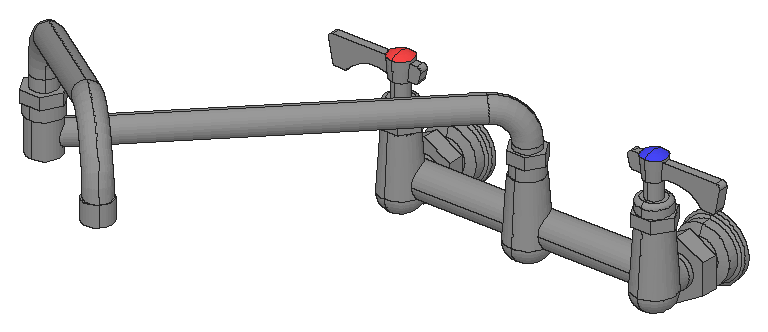
Revit family "Krowne_14-824L_WallMount_Faucet", category Plumbing Fixtures, Revit 2018
Family settings
  Round Connector Dimension = Use Diameter
  Part Type = Normal
  OmniClass Number = 23.40.40.00
  OmniClass Title = Food Service Equipment and Furnishings
  Work Plane-Based = No
  Always vertical = Yes
  Cut with Voids When Loaded = No
  Shared = No
  Room Calculation Point = No
Parameters (values of type "14-824L")
  Width = 12 3/8"
  Weight in Pounds = 6
  Watermarked By = ""
  URL Cutsheet = ""
  URL = "https://krowne.com/"
  Status [instance] = ""
  Specification by User [instance] = ""
  Specification by Manufacturer [instance] = ""
  Serial Number [instance] = ""
  Revision Code [instance] = ""
  Plumbing Remarks [instance] = ""
  Plumbing Connection Type = ""
  NAFEM Spec ID Number [instance] = ""
  Model = "14-824L"
  Masterspec [instance] = ""
  Manufacturer = "Krowne Metal"
  Item Number [instance] = "-"
  Installed By [instance] = ""
  Hot Water Temperature = 100 °F
  Hot Water Size = 1/2"
  Hot Water RI Height [instance] = 0"
  Hot Water Flow = 1.8 GPM
  Hot Water Connection Height = 0"
  Height = 3 5/8"
  Furnished By [instance] = ""
  Foodservice Equipment Identifier = yes
  Description = "8” Center Wall Mount Faucet with 24” Jointed Spout"
  Depth = 12" + 12" + 2 1/2"  # 26 1/2"
  Cold Water Size = 1/2"
  Cold Water RI Height [instance] = 0"
  Cold Water Flow = 1.8 GPM
  Cold Water Connection Height = 0"
  CSI MasterFormat = ""
  Assembly Code = "E1090300"
Reference planes
  plane 1 "BACK": y = 0
  plane 2: z = 0
  plane 3 "LEFT": x = -476.332
  plane 4 "RIGHT": x = -162.007
  plane 5 "CENTER L/R": x = -319.169
  plane 6: y = -50.8
  plane 7: z = 225.425
  plane 8: y = -635
  plane 9: y = -25.4
  plane 10: y = -330.2
  plane 11: z = 92.075
Forms (mm)
  Extrusion 1, solid, material "QF_Steel-Chrome-Polished"
    sketch origin (-319.169, -456.452, 200.025) x (0.707107, -0.707107, 0) y (-0.707107, -0.707107, 0)
      loop
        circle (0, 0) r 11.113
    from 0 to -15.875
  Sweep 2, solid, material "QF_Steel-Chrome-Polished"
    path origin (-768.182, -7.439, -25.4) x (-0.707107, 0.707107, 0) y (0, 0, 1)
      loop
        line (-330.2, 117.475) -> (-330.2, 160.963)
        arc (-330.2, 160.963) -> (-338.239, 186.459) -> (-359.447, 202.733) r 44.45
        line (-359.447, 202.733) -> (-575.347, 281.314)
        arc (-575.347, 281.314) -> (-616.045, 275.956) -> (-635, 239.544) r 44.45
        line (-635, 239.544) -> (-635, 225.425)
    profile origin (-534.696, -240.926, 113.819) x (0.707107, -0.707107, 0) y (0.707107, 0.707107, 0)
      loop
        circle (0, 0) r 9.852
  Extrusion 3, solid, material "QF_Steel-Chrome-Polished"
    sketch origin (-215.526, -38.987, 38.1) x (0, 1, 0) y (-1, 0, 0)
      loop
        circle (-201.939, 319.169) r 12.7
    from 40.171 to 68.751
  Extrusion 4, solid, material "QF_Steel-Chrome-Polished"
    sketch origin (-215.526, -38.987, 106.851) x (0, 1, 0) y (-1, 0, 0)
      loop
        circle (-201.939, 319.169) r 13.851
    from 0 to 9.525
  Extrusion 5, solid, material "QF_Steel-Chrome-Polished"
    sketch origin (-215.526, -38.987, 116.376) x (0, 1, 0) y (-1, 0, 0)
      loop
        line (-188.088, 327.166) -> (-201.939, 335.163) -> (-215.79, 327.166) -> (-215.79, 311.173) -> (-201.939, 303.176) -> (-188.088, 311.173) -> (-188.088, 327.166)
    from 0 to 9.525
  Extrusion 6, solid, material "QF_Steel-Chrome-Polished"
    sketch origin (-4.763, 37.306, 43.656) x (0, 1, 0) y (-1, 0, 0)
      loop
        line (-48.419, 407.947) -> (-48.419, 424.067) -> (-62.38, 432.128) -> (-76.34, 424.067) -> (-76.34, 407.947) -> (-62.38, 399.886) -> (-48.419, 407.947)
      loop
        line (-48.419, 204.747) -> (-48.419, 220.867) -> (-62.38, 228.928) -> (-76.34, 220.867) -> (-76.34, 204.747) -> (-62.38, 196.686) -> (-48.419, 204.747)
    from 0 to 9.525
  Revolve 7, solid, material "QF_Steel-Chrome-Polished"
    sketch origin (-420.769, 37.306, -37.306) x (0, 1, 0) y (0, 0, 1)
      loop
        line (-62.706, 90.488) -> (-50.006, 90.488) -> (-50.006, 96.838)
        arc (-50.006, 96.838) -> (-50.936, 99.083) -> (-53.181, 100.013) r 3.175
        line (-53.181, 100.013) -> (-62.706, 100.013) -> (-62.706, 90.488)
      axis (-62.706, 90.488) -> (-62.706, 100.013)
    angle from 0 to 360
  Revolve 8, solid, material "QF_Steel-Chrome-Polished"
    sketch origin (-217.569, 37.306, -37.306) x (0, 1, 0) y (0, 0, 1)
      loop
        line (-62.706, 100.012) -> (-56.356, 100.012) -> (-56.356, 114.3) -> (-62.706, 114.3) -> (-62.706, 100.012)
      axis (-62.706, 100.012) -> (-62.706, 114.3)
    angle from 0 to 360
  Revolve 9, solid, material "QF_Steel-Chrome-Polished"
    sketch origin (-420.769, 37.306, -37.306) x (0, 1, 0) y (0, 0, 1)
      loop
        line (-62.706, 100.013) -> (-56.356, 100.013) -> (-56.356, 114.3) -> (-62.706, 114.3) -> (-62.706, 100.013)
      axis (-62.706, 100.013) -> (-62.706, 114.3)
    angle from 0 to 360
  Revolve 10, solid, material "QF_Steel-Chrome-Polished"
    sketch origin (-420.769, 37.306, -37.306) x (0, 1, 0) y (0, 0, 1)
      loop
        line (-62.706, 114.3) -> (-54.769, 114.3) -> (-53.181, 130.175) -> (-62.706, 130.175) -> (-62.706, 114.3)
      axis (-62.706, 114.3) -> (-62.706, 130.175)
    angle from 0 to 360
  Revolve 11, solid, material "QF_Steel-Chrome-Polished"
    sketch origin (-217.569, 37.306, -37.306) x (0, 1, 0) y (0, 0, 1)
      loop
        line (-62.706, 114.3) -> (-54.769, 114.3) -> (-53.181, 130.175) -> (-62.706, 130.175) -> (-62.706, 114.3)
      axis (-62.706, 114.3) -> (-62.706, 130.175)
    angle from 0 to 360
  Revolve 12, solid, material "QF_Plastic-Red"
    sketch origin (-420.769, 37.306, -37.306) x (0, 1, 0) y (0, 0, 1)
      loop
        line (-62.706, 130.175) -> (-53.181, 130.175)
        arc (-53.181, 130.175) -> (-57.646, 132.655) -> (-62.706, 133.35) r 13.869
        line (-62.706, 133.35) -> (-62.706, 130.175)
      axis (-62.706, 130.175) -> (-62.706, 133.35)
    angle from 0 to 360
  Revolve 13, solid, material "QF_Plastic-Blue"
    sketch origin (-217.569, 37.306, -37.306) x (0, 1, 0) y (0, 0, 1)
      loop
        line (-62.706, 130.175) -> (-53.181, 130.175)
        arc (-53.181, 130.175) -> (-57.646, 132.655) -> (-62.706, 133.35) r 13.869
        line (-62.706, 133.35) -> (-62.706, 130.175)
      axis (-62.706, 130.175) -> (-62.706, 133.35)
    angle from 0 to 360
  Extrusion 14, solid, material "QF_Steel-Chrome-Polished"
    sketch origin (-4.763, -25.4, -37.306) x (1, 0, 0) y (0, 0, 1)
      loop
        arc (-468.332, 128.588) -> (-470.787, 127.425) -> (-471.445, 124.79) r 3.175
        line (-471.445, 124.79) -> (-468.27, 108.916)
        arc (-468.27, 108.916) -> (-467.17, 107.083) -> (-465.157, 106.364) r 3.175
        line (-465.157, 106.364) -> (-458.81, 106.364)
        arc (-458.81, 106.364) -> (-457.469, 106.66) -> (-456.379, 107.496) r 3.175
        arc (-456.379, 107.496) -> (-441.832, 116.771) -> (-424.594, 116.065) r 28.792
        arc (-424.594, 116.065) -> (-424.065, 115.925) -> (-423.52, 115.878) r 3.175
        line (-423.52, 115.878) -> (-402.102, 115.878)
        arc (-402.102, 115.878) -> (-400.089, 116.597) -> (-398.988, 118.43) r 3.175
        line (-398.988, 118.43) -> (-397.716, 124.79)
        arc (-397.716, 124.79) -> (-398.374, 127.425) -> (-400.83, 128.588) r 3.175
        line (-400.83, 128.588) -> (-468.332, 128.588)
      loop
        line (-160.482, 128.588) -> (-227.984, 128.588)
        arc (-227.984, 128.588) -> (-230.439, 127.425) -> (-231.097, 124.79) r 3.175
        line (-231.097, 124.79) -> (-229.826, 118.43)
        arc (-229.826, 118.43) -> (-228.725, 116.597) -> (-226.712, 115.878) r 3.175
        line (-226.712, 115.878) -> (-205.294, 115.878)
        arc (-205.294, 115.878) -> (-204.749, 115.925) -> (-204.22, 116.065) r 3.175
        arc (-204.22, 116.065) -> (-186.982, 116.771) -> (-172.435, 107.496) r 28.792
        arc (-172.435, 107.496) -> (-171.345, 106.66) -> (-170.004, 106.364) r 3.175
        line (-170.004, 106.364) -> (-163.657, 106.364)
        arc (-163.657, 106.364) -> (-161.644, 107.083) -> (-160.544, 108.916) r 3.175
        line (-160.544, 108.916) -> (-157.369, 124.79)
        arc (-157.369, 124.79) -> (-158.027, 127.425) -> (-160.482, 128.588) r 3.175
    from -3.175 to 3.175
  Extrusion 15, solid, material "QF_Steel-Chrome-Polished"
    sketch origin (-4.763, 37.306, -37.306) x (1, 0, 0) y (0, 0, 1)
      loop
        circle (-416.007, 37.306) r 6.35
      loop
        circle (-212.807, 37.306) r 6.35
    from 0 to -6.35
  Revolve 16, solid, material "QF_Steel-Chrome-Polished"
    sketch origin (-217.569, 37.306, -37.306) x (0, 1, 0) y (0, 0, 1)
      loop
        line (-62.706, 90.488) -> (-50.006, 90.488) -> (-50.006, 96.838)
        arc (-50.006, 96.838) -> (-50.936, 99.083) -> (-53.181, 100.013) r 3.175
        line (-53.181, 100.013) -> (-62.706, 100.013) -> (-62.706, 90.488)
      axis (-62.706, 90.488) -> (-62.706, 100.013)
    angle from 0 to 360
  Revolve 17, solid, material "QF_Steel-Chrome-Polished"
    sketch origin (-420.769, 37.306, -37.306) x (0, 1, 0) y (0, 0, 1)
      loop
        line (0, 37.306) -> (0, 62.706) -> (-3.175, 62.706)
        arc (-3.175, 62.706) -> (-4.298, 62.241) -> (-4.762, 61.119) r 1.588
        line (-4.762, 61.119) -> (-6.75, 59.131) -> (-14.287, 59.131) -> (-16.91, 51.594) -> (-26.987, 51.594) -> (-26.988, 37.306) -> (0, 37.306)
      axis (0, 37.306) -> (-26.988, 37.306)
    angle from 0 to 360
  Revolve 18, solid, material "QF_Steel-Chrome-Polished"
    sketch origin (-217.569, 37.306, -37.306) x (0, 1, 0) y (0, 0, 1)
      loop
        line (0, 37.306) -> (0, 62.706) -> (-3.175, 62.706)
        arc (-3.175, 62.706) -> (-4.298, 62.241) -> (-4.762, 61.119) r 1.588
        line (-4.762, 61.119) -> (-6.75, 59.131) -> (-14.287, 59.131) -> (-16.91, 51.594) -> (-26.987, 51.594) -> (-26.988, 37.306) -> (0, 37.306)
      axis (0, 37.306) -> (-26.988, 37.306)
    angle from 0 to 360
  Extrusion 19, solid, material "QF_Steel-Chrome-Polished"
    sketch origin (-420.769, 10.319, 0) x (0, 0, 1) y (-1, 0, 0)
      loop
        line (11.915, -20.637) -> (23.83, 0) -> (11.915, 20.637) -> (-11.915, 20.637) -> (-23.83, 0) -> (-11.915, -20.637) -> (11.915, -20.637)
      loop
        line (11.915, -223.837) -> (23.83, -203.2) -> (11.915, -182.562) -> (-11.915, -182.562) -> (-23.83, -203.2) -> (-11.915, -223.837) -> (11.915, -223.837)
    from 0 to 12.7
  Sweep 20, solid, material "QF_Steel-Chrome-Polished"
    path origin (-420.769, 37.306, -37.306) x (0, 1, 0) y (0, 0, 1)
      loop
        line (-26.988, 37.306) -> (-43.656, 37.306)
        arc (-43.656, 37.306) -> (-57.127, 42.886) -> (-62.706, 56.356) r 19.05
        line (-62.706, 56.356) -> (-62.706, 80.962)
    profile origin (-420.769, 1.984, 0) x (0, 0, -1) y (1, 0, 0)
      loop
        circle (0, 0) r 12.7
  Sweep 21, solid, material "QF_Steel-Chrome-Polished"
    path origin (-217.569, 37.306, -37.306) x (0, 1, 0) y (0, 0, 1)
      loop
        line (-26.988, 37.306) -> (-43.656, 37.306)
        arc (-43.656, 37.306) -> (-57.127, 42.886) -> (-62.706, 56.356) r 19.05
        line (-62.706, 56.356) -> (-62.706, 80.962)
    profile origin (-217.569, 1.984, 0) x (0, 0, -1) y (1, 0, 0)
      loop
        circle (0, 0) r 12.7
  Extrusion 22, solid, material "QF_Steel-Chrome-Polished"
    sketch origin (-420.769, 37.306, -37.306) x (0, 1, 0) y (0, 0, 1)
      loop
        circle (-57.127, 42.886) r 12.7
    from 0 to 203.2
  Sweep 23, solid, material "QF_Steel-Chrome-Polished"
    path origin (-319.169, 37.306, -37.306) x (0, 1, 0) y (0, 0, 1)
      loop
        arc (-56.044, 41.884) -> (-60.961, 48.39) -> (-62.706, 56.356) r 19.05
        line (-62.706, 56.356) -> (-62.706, 80.962)
    profile origin (-319.169, -25.4, 31.353) x (0, -1, 0) y (1, 0, 0)
      loop
        circle (0, 0) r 12.7
  Revolve 24, solid, material "QF_Steel-Chrome-Polished"
    sketch origin (-319.169, 37.306, -46.831) x (0, 1, 0) y (0, 0, 1)
      loop
        line (-62.706, 90.488) -> (-50.674, 90.488) -> (-50.674, 100.013) -> (-62.706, 100.013) -> (-62.706, 90.488)
      axis (-62.706, 90.488) -> (-62.706, 100.013)
    angle from 0 to 360
  Revolve 25, solid, material "QF_Steel-Chrome-Polished"
    sketch origin (-420.769, 37.306, -37.306) x (0, 1, 0) y (0, 0, 1)
      loop
        line (-50.006, 80.962) -> (-62.706, 80.962) -> (-62.706, 20.044) -> (-59.365, 20.044)
        arc (-59.365, 20.044) -> (-50.077, 24.083) -> (-46.696, 33.63) r 12.7
        line (-46.696, 33.63) -> (-50.006, 80.962)
      axis (-62.706, 20.044) -> (-62.706, 80.962)
    angle from 0 to 360
  Revolve 26, solid, material "QF_Steel-Chrome-Polished"
    sketch origin (-217.569, 37.306, -37.306) x (0, 1, 0) y (0, 0, 1)
      loop
        line (-50.006, 80.962) -> (-62.706, 80.962) -> (-62.706, 20.044) -> (-59.365, 20.044)
        arc (-59.365, 20.044) -> (-50.077, 24.083) -> (-46.696, 33.63) r 12.7
        line (-46.696, 33.63) -> (-50.006, 80.962)
      axis (-62.706, 20.044) -> (-62.706, 80.962)
    angle from 0 to 360
  Revolve 27, solid, material "QF_Steel-Chrome-Polished"
    sketch origin (-319.169, 37.306, -37.306) x (0, 1, 0) y (0, 0, 1)
      loop
        line (-50.006, 80.962) -> (-62.706, 80.962) -> (-62.706, 20.044) -> (-59.365, 20.044)
        arc (-59.365, 20.044) -> (-50.077, 24.083) -> (-46.696, 33.63) r 12.7
        line (-46.696, 33.63) -> (-50.006, 80.962)
      axis (-62.706, 20.044) -> (-62.706, 80.962)
    angle from 0 to 360
  Sweep 28, solid, material "QF_Steel-Chrome-Polished"
    path origin (-301.209, -7.439, -25.4) x (0.707107, 0.707107, 0) y (0, 0, 1)
      loop
        line (-25.4, 88.096) -> (-25.4, 92.075)
        arc (-25.4, 92.075) -> (-32.839, 110.036) -> (-50.8, 117.475) r 25.4
        line (-50.8, 117.475) -> (-330.2, 117.475)
    profile origin (-319.169, -25.4, 64.685) x (-0.707107, -0.707107, 0) y (0.707107, -0.707107, 0)
      loop
        circle (0, 0) r 9.852
  Extrusion 29, solid, material "QF_Steel-Chrome-Polished"
    sketch origin (-4.763, 37.306, 53.171) x (0, 1, 0) y (-1, 0, 0)
      loop
        line (-62.38, 300.119) -> (-50.006, 307.263) -> (-50.006, 321.551) -> (-62.38, 328.694) -> (-74.753, 321.551) -> (-74.753, 307.263) -> (-62.38, 300.119)
    from 0 to 9.525
Cuts and joins
  joined: Extrusion 1, Sweep 2, Extrusion 5
  joined: Extrusion 19, Sweep 21, Extrusion 22, Sweep 23, Revolve 25, Revolve 26, Revolve 27
Lines and regions (mm)
  symbolic lines
    curve 1: arc (-325.674, -18.434, 0) -> (-312.203, -18.434, 0) -> (-312.203, -31.904, 0) r 9.525
    curve 2: arc (-325.905, -463.187, 0) -> (-319.169, -465.977, 0) -> (-312.434, -463.187, 0) r 9.525
    curve 3: arc (-312.434, -463.187, 0) -> (-309.644, -456.452, 0) -> (-312.434, -449.717, 0) r 9.525
    curve 4: line (-325.905, -463.187, 0) -> (-533.508, -255.584, 0)
    curve 5: line (-312.203, -31.904, 0) -> (-519.626, -239.327, 0)
    curve 6: line (-546.005, -252.235, 63.5) -> (-530.556, -256.375, 63.5)
    curve 7: line (-550.144, -236.787, 63.5) -> (-546.005, -252.235, 63.5)
    curve 8: line (-538.835, -225.478, 63.5) -> (-550.144, -236.787, 63.5)
    curve 9: line (-523.386, -229.617, 63.5) -> (-538.835, -225.478, 63.5)
    curve 10: line (-519.247, -245.066, 63.5) -> (-523.386, -229.617, 63.5)
    curve 11: line (-530.556, -256.375, 63.5) -> (-519.247, -245.066, 63.5)
    curve 12: line (-534.315, -227.075, 0) -> (-325.674, -18.434, 0)
    curve 13: line (-520.038, -242.113, 0) -> (-312.434, -449.717, 0)
    curve 14: line (-476.207, -22.225, 74.612) -> (-429.773, -22.225, 74.612)
    curve 15: line (-476.207, -28.575, 74.612) -> (-476.207, -22.225, 74.612)
    curve 16: line (-402.417, -28.575, 74.612) -> (-411.936, -28.575, 74.612)
    curve 17: line (-402.417, -22.225, 74.612) -> (-402.417, -28.575, 74.612)
    curve 18: line (-162.007, -22.225, 74.612) -> (-208.982, -22.225, 74.612)
    curve 19: line (-162.007, -28.575, 74.612) -> (-162.007, -22.225, 74.612)
    curve 20: line (-235.922, -28.575, 74.612) -> (-226.55, -28.575, 74.612)
    curve 21: line (-235.922, -22.225, 74.612) -> (-235.922, -28.575, 74.612)
    curve 22: line (-427.913, -13.027, 74.612) -> (-433.224, -22.225, 74.612)
    curve 23: line (-427.913, -13.027, 74.612) -> (-413.626, -13.027, 74.612)
    curve 24: line (-413.626, -13.027, 74.612) -> (-408.315, -22.225, 74.612)
    curve 25: line (-413.626, -37.773, 74.612) -> (-427.913, -37.773, 74.612)
    curve 26: line (-427.913, -37.773, 74.612) -> (-433.224, -28.575, 74.612)
    curve 27: line (-413.626, -37.773, 74.612) -> (-408.315, -28.575, 74.612)
    curve 28: line (-224.713, -13.027, 74.612) -> (-210.426, -13.027, 74.612)
    curve 29: line (-210.426, -13.027, 74.612) -> (-205.115, -22.225, 74.612)
    curve 30: line (-224.713, -13.027, 74.612) -> (-230.024, -22.225, 74.612)
    curve 31: line (-210.426, -37.773, 74.612) -> (-224.713, -37.773, 74.612)
    curve 32: line (-224.713, -37.773, 74.612) -> (-230.024, -28.575, 74.612)
    curve 33: line (-210.426, -37.773, 74.612) -> (-205.115, -28.575, 74.612)
    curve 34: line (-333.457, -25.073, 74.612) -> (-333.038, -25.798, 74.612)
    curve 35: line (-317.746, -37.447, 74.612) -> (-312.026, -37.447, 74.612)
    curve 36: line (-312.026, -37.447, 74.612) -> (-304.882, -25.073, 74.612)
    curve 37: line (-304.882, -25.073, 74.612) -> (-312.026, -12.7, 74.612)
    curve 38: line (-312.026, -12.7, 74.612) -> (-326.313, -12.7, 74.612)
    curve 39: line (-326.313, -12.7, 74.612) -> (-333.457, -25.073, 74.612)
    curve 40: line (-441.407, 10.319, 74.612) -> (-441.407, -2.381, 74.612)
    curve 41: line (-441.407, -2.381, 74.612) -> (-433.481, -2.381, 74.612)
    curve 42: line (-433.481, -2.381, 74.612) -> (-433.481, -22.225, 74.612)
    curve 43: line (-400.132, 10.319, 74.612) -> (-400.132, -2.381, 74.612)
    curve 44: line (-400.132, -2.381, 74.612) -> (-408.058, -2.381, 74.612)
    curve 45: line (-408.058, -2.381, 74.612) -> (-408.058, -22.225, 74.612)
    curve 46: line (-210.426, -13.027, 74.612) -> (-224.713, -13.027, 74.612)
    curve 47: line (-196.932, 10.319, 74.612) -> (-196.932, -2.381, 74.612)
    curve 48: line (-196.932, -2.381, 74.612) -> (-204.858, -2.381, 74.612)
    curve 49: line (-204.858, -2.381, 74.612) -> (-204.858, -22.225, 74.612)
    curve 50: line (-238.207, 10.319, 74.612) -> (-238.207, -2.381, 74.612)
    curve 51: line (-238.207, -2.381, 74.612) -> (-230.281, -2.381, 74.612)
    curve 52: line (-230.281, -2.381, 74.612) -> (-230.281, -22.225, 74.612)
    curve 53: line (-408.058, -7.197, 74.612) -> (-230.281, -7.197, 74.612)
    curve 54: line (-410.291, -31.997, 74.612) -> (-339.237, -31.997, 74.612)
    curve 55: line (-308.317, -31.997, 74.612) -> (-228.048, -31.997, 74.612)
    curve 56: line (-196.932, 10.319, 0) -> (-238.207, 10.319, 0)
    curve 57: line (-203.588, 10.319, 0) -> (-203.588, 20.396, 0)
    curve 58: line (-203.535, 20.396, 0) -> (-231.857, 20.396, 0)
    curve 59: line (-231.857, 20.396, 0) -> (-231.857, 10.319, 0)
    curve 60: line (-231.857, 20.396, 0) -> (-239.394, 23.019, 0)
    curve 61: line (-203.535, 20.396, 0) -> (-195.745, 23.019, 0)
    curve 62: line (-195.745, 23.019, 0) -> (-239.394, 23.019, 0)
    curve 63: line (-195.745, 30.556, 0) -> (-195.745, 23.019, 0)
    curve 64: line (-239.394, 30.556, 0) -> (-195.745, 30.556, 0)
    curve 65: line (-239.394, 23.019, 0) -> (-239.394, 30.556, 0)
    curve 66: line (-195.745, 30.556, 0) -> (-193.702, 32.599, 0)
    curve 67: line (-192.203, 37.306, 0) -> (-192.203, 34.188, 0)
    curve 68: arc (-192.203, 34.188, 0) -> (-192.637, 33.096, 0) -> (-193.702, 32.599, 0) r 1.592
    curve 69: line (-193.702, 32.599, 0) -> (-241.437, 32.599, 0)
    curve 70: line (-239.394, 30.556, 0) -> (-241.437, 32.599, 0)
    curve 71: line (-242.936, 37.306, 0) -> (-242.936, 34.188, 0)
    curve 72: arc (-242.936, 34.188, 0) -> (-242.502, 33.096, 0) -> (-241.437, 32.599, 0) r 1.592
    curve 73: line (-192.203, 37.306, 0) -> (-242.936, 37.306, 0)
    curve 74: line (-400.166, 10.319, 0) -> (-441.441, 10.319, 0)
    curve 75: line (-406.822, 10.319, 0) -> (-406.822, 20.396, 0)
    curve 76: line (-406.768, 20.396, 0) -> (-435.091, 20.396, 0)
    curve 77: line (-435.091, 20.396, 0) -> (-435.091, 10.319, 0)
    curve 78: line (-435.091, 20.396, 0) -> (-442.628, 23.019, 0)
    curve 79: line (-406.768, 20.396, 0) -> (-398.979, 23.019, 0)
    curve 80: line (-398.979, 23.019, 0) -> (-442.628, 23.019, 0)
    curve 81: line (-398.979, 30.556, 0) -> (-398.979, 23.019, 0)
    curve 82: line (-442.628, 30.556, 0) -> (-398.979, 30.556, 0)
    curve 83: line (-442.628, 23.019, 0) -> (-442.628, 30.556, 0)
    curve 84: line (-398.979, 30.556, 0) -> (-396.936, 32.599, 0)
    curve 85: line (-395.437, 37.306, 0) -> (-395.437, 34.188, 0)
    curve 86: arc (-395.437, 34.188, 0) -> (-395.871, 33.096, 0) -> (-396.936, 32.599, 0) r 1.592
    curve 87: line (-396.936, 32.599, 0) -> (-444.671, 32.599, 0)
    curve 88: line (-442.628, 30.556, 0) -> (-444.671, 32.599, 0)
    curve 89: line (-446.169, 37.306, 0) -> (-446.169, 34.188, 0)
    curve 90: arc (-446.169, 34.188, 0) -> (-445.736, 33.096, 0) -> (-444.671, 32.599, 0) r 1.592
    curve 91: line (-395.437, 37.306, 0) -> (-446.169, 37.306, 0)
    curve 92: arc (-217.569, -15.875, 63.5) -> (-227.094, -25.4, 63.5) -> (-217.569, -34.925, 63.5) r 9.525
    curve 93: arc (-217.569, -34.925, 63.5) -> (-208.044, -25.4, 63.5) -> (-217.569, -15.875, 63.5) r 9.525
    curve 94: line (-226.55, -22.225, 74.612) -> (-235.922, -22.225, 74.612)
    curve 95: line (-208.982, -28.575, 74.612) -> (-162.007, -28.575, 74.612)
    curve 96: arc (-420.769, -34.925, 63.5) -> (-411.244, -25.4, 63.5) -> (-420.769, -15.875, 63.5) r 9.525
    curve 97: arc (-420.769, -15.875, 63.5) -> (-430.294, -25.4, 63.5) -> (-420.769, -34.925, 63.5) r 9.525
    curve 98: line (-411.746, -22.225, 74.612) -> (-402.417, -22.225, 74.612)
    curve 99: line (-429.773, -28.575, 74.612) -> (-476.207, -28.575, 74.612)
Dimensions and locks
  "Width": plane 3 "LEFT" to plane 4 "RIGHT"
  equal spacing: plane 3 "LEFT", plane 5 "CENTER L/R", plane 4 "RIGHT"
  equal spacing: plane 6, plane 9, plane 1 "BACK"
  plane 6 to plane 1 "BACK" = 2"
  plane 8 to plane 9 = 24"
  plane 9 to plane 10 to plane 8 = 12", 12"
  plane 11 to level = 3 5/8"
  aligned and locked: level to plane 2
  aligned and locked: Revolve 10 sketch curve to Revolve 10 sketch curve
  aligned and locked: Revolve 11 sketch curve to Revolve 11 sketch curve
Automatic sketch dimensions
  plane 11 to Sweep 2 sketch curve = 0"
  Sweep 2 sketch curve to plane 7 = 0.44412"
  Sweep 2 sketch curve to Sweep 2 sketch curve = 1 3/4"
  plane 7 to Sweep 2 sketch curve = 1.20035"
  plane 11 to Sweep 2 sketch curve = 1.71214"
  Sweep 2 sketch curve to Sweep 2 sketch curve = 8 1/2"
  Sweep 2 sketch curve to plane 7 = 1.8934"
  Sweep 2 sketch curve to Sweep 2 sketch curve = 0.59854"
  Sweep 2 sketch curve to Sweep 2 sketch curve = 0.55588"
  Sweep 2 sketch curve to profile plane = 0"  (x2)
  Extrusion 3 sketch curve to plane 10 = 3.51472"
  Extrusion 3 sketch curve to plane 3 "LEFT" = 2.29778"
  Extrusion 5 sketch curve to Extrusion 5 sketch curve = 0.54531"  (x3)
  Extrusion 5 sketch curve to Extrusion 5 sketch curve = 0.31483"  (x3)
  Extrusion 5 sketch curve to Extrusion 5 sketch curve = 0.62967"  (x2)
  curve 6 to plane 10 = 2.90651"
  curve 6 to curve 7 = 0.16297"
  curve 6 to curve 10 = 0.44524"
  curve 6 to curve 7 = 0.60821"  (x2)
  curve 10 to plane 3 "LEFT" = 1.85254"
  curve 10 to curve 10 = 0.60821"
  curve 9 to curve 8 = 0.16297"
  curve 11 to curve 9 = 0.16297"
  curve 10 to curve 6 = 0.44524"
  curve 9 to curve 9 = 0.60821"
  curve 8 to curve 7 = 0.44524"
  Revolve 7 sketch curve to plane 9 = 0"  (x2)
  Revolve 7 sketch curve to Revolve 7 sketch curve = 3/8"
  Revolve 7 sketch curve to Revolve 7 sketch curve = 1/8"
  Revolve 7 sketch curve to plane 11 = 1 17/32"
  Revolve 7 sketch curve to Revolve 7 sketch curve = 1/4"
  Revolve 7 sketch curve to Revolve 7 sketch curve = 0"  (x2)
  Revolve 8 sketch curve to plane 9 = 0"  (x2)
  Revolve 8 sketch curve to Revolve 8 sketch curve = 1/4"
  Revolve 8 sketch curve to plane 11 = 1 5/32"
  Revolve 8 sketch curve to Revolve 8 sketch curve = 9/16"
  Revolve 8 sketch curve to Revolve 8 sketch curve = 3/8"
  Revolve 8 sketch curve to Revolve 8 sketch curve = 0"
  Revolve 9 sketch curve to plane 9 = 0"  (x2)
  Revolve 9 sketch curve to Revolve 9 sketch curve = 1/4"
  Revolve 9 sketch curve to plane 11 = 1 5/32"
  Revolve 9 sketch curve to Revolve 9 sketch curve = 9/16"
  Revolve 9 sketch curve to Revolve 9 sketch curve = 3/8"
  Revolve 9 sketch curve to Revolve 9 sketch curve = 0"
  Revolve 10 sketch curve to plane 9 = 0"
  Revolve 10 sketch curve to Revolve 10 sketch curve = 5/16"
  plane 11 to Revolve 10 sketch curve = 1/32"
  Revolve 10 sketch curve to Revolve 10 sketch curve = 3/8"
  Revolve 10 sketch curve to plane 11 = 19/32"
  Revolve 10 sketch curve to Revolve 10 sketch curve = 0"  (x2)
  Revolve 11 sketch curve to plane 9 = 0"
  Revolve 11 sketch curve to Revolve 11 sketch curve = 5/16"
  plane 11 to Revolve 11 sketch curve = 1/32"
  Revolve 11 sketch curve to Revolve 11 sketch curve = 3/8"
  Revolve 11 sketch curve to plane 11 = 19/32"
  Revolve 11 sketch curve to Revolve 11 sketch curve = 0"  (x2)
  Revolve 12 sketch curve to plane 9 = 0"  (x2)
  Revolve 12 sketch curve to plane 9 = 0.02655"
  plane 11 to Revolve 12 sketch curve = 1/32"
  Revolve 12 sketch curve to Revolve 12 sketch curve = 3/8"
  Revolve 12 sketch curve to plane 11 = 0.38911"
  Revolve 12 sketch curve to Revolve 12 sketch curve = 0"  (x2)
  Revolve 13 sketch curve to plane 9 = 0"  (x2)
  Revolve 13 sketch curve to plane 9 = 0.02655"
  plane 11 to Revolve 13 sketch curve = 1/32"
  Revolve 13 sketch curve to Revolve 13 sketch curve = 3/8"
  Revolve 13 sketch curve to plane 11 = 0.38911"
  Revolve 13 sketch curve to Revolve 13 sketch curve = 0"  (x2)
  plane 3 "LEFT" to Extrusion 14 sketch curve = 0.0049"
  Extrusion 14 sketch curve to Extrusion 14 sketch curve = 0.12257"  (x6)
  plane 3 "LEFT" to Extrusion 14 sketch curve = 0.12989"
  Extrusion 14 sketch curve to Extrusion 14 sketch curve = 0.24989"  (x2)
  Extrusion 14 sketch curve to Extrusion 14 sketch curve = 0.96348"
  Extrusion 14 sketch curve to plane 11 = 0.53163"
  Extrusion 14 sketch curve to Extrusion 14 sketch curve = 0.42589"  (x2)
  Extrusion 14 sketch curve to plane 11 = 0.40663"  (x2)
  Extrusion 14 sketch curve to Extrusion 14 sketch curve = 0.84323"  (x2)
  Extrusion 14 sketch curve to Extrusion 14 sketch curve = 0.05007"  (x2)
  Extrusion 14 sketch curve to plane 11 = 0.43114"  (x2)
  Extrusion 14 sketch curve to plane 11 = 0.18076"  (x4)
  Extrusion 14 sketch curve to plane 4 "RIGHT" = 2.9076"
  Extrusion 14 sketch curve to plane 4 "RIGHT" = 0.50235"
  Extrusion 14 sketch curve to plane 4 "RIGHT" = 0.12748"
  Extrusion 14 sketch curve to plane 4 "RIGHT" = 0.0049"
  Extrusion 14 sketch curve to Extrusion 14 sketch curve = 0.10049"
  Extrusion 14 sketch curve to plane 11 = 0.78121"  (x2)
  Extrusion 14 sketch curve to Extrusion 14 sketch curve = 0"  (x4)
  Extrusion 14 sketch curve to Extrusion 14 sketch curve = 0.02451"  (x4)
  Extrusion 14 sketch curve to Extrusion 14 sketch curve = 1.05929"  (x2)
  Extrusion 14 sketch curve to Extrusion 14 sketch curve = 1/8"
  Extrusion 15 sketch curve to level = 0"  (x2)
  plane 3 "LEFT" to Extrusion 15 sketch curve = 2 3/16"
  Extrusion 15 sketch curve to plane 4 "RIGHT" = 2 3/16"
  Revolve 16 sketch curve to plane 9 = 0"  (x2)
  Revolve 16 sketch curve to Revolve 16 sketch curve = 3/8"
  Revolve 16 sketch curve to Revolve 16 sketch curve = 1/8"
  Revolve 16 sketch curve to plane 11 = 1 17/32"
  Revolve 16 sketch curve to Revolve 16 sketch curve = 1/4"
  Revolve 16 sketch curve to Revolve 16 sketch curve = 0"  (x2)
  Revolve 17 sketch curve to level = 0"  (x2)
  Revolve 17 sketch curve to plane 1 "BACK" = 13/32"
  Revolve 17 sketch curve to Revolve 17 sketch curve = 0.39675"
  Revolve 17 sketch curve to Revolve 17 sketch curve = 0.10325"
  Revolve 17 sketch curve to Revolve 17 sketch curve = 0.29673"  (x2)
  Revolve 17 sketch curve to Revolve 17 sketch curve = 0.07827"  (x2)
  Revolve 17 sketch curve to Revolve 17 sketch curve = 1/16"
  Revolve 17 sketch curve to Revolve 17 sketch curve = 1/8"
  Revolve 17 sketch curve to Revolve 17 sketch curve = 9/16"
  plane 6 to Revolve 17 sketch curve = 1 15/32"
  Revolve 17 sketch curve to Revolve 17 sketch curve = 0"
  Revolve 18 sketch curve to level = 0"  (x2)
  Revolve 18 sketch curve to plane 1 "BACK" = 13/32"
  Revolve 18 sketch curve to Revolve 18 sketch curve = 0.39675"
  Revolve 18 sketch curve to Revolve 18 sketch curve = 0.10325"
  Revolve 18 sketch curve to Revolve 18 sketch curve = 0.29673"  (x2)
  Revolve 18 sketch curve to Revolve 18 sketch curve = 0.07827"  (x2)
  Revolve 18 sketch curve to Revolve 18 sketch curve = 1/16"
  Revolve 18 sketch curve to Revolve 18 sketch curve = 1/8"
  level to Revolve 18 sketch curve = 9/16"
  plane 6 to Revolve 18 sketch curve = 1 15/32"
  Revolve 18 sketch curve to Revolve 18 sketch curve = 0"
  Revolve 17 to Extrusion 19 sketch curve = 0"
  Extrusion 19 sketch curve to Revolve 17 = 0"
  Revolve 17 to Extrusion 19 sketch curve = 8"  (x2)
  Extrusion 19 sketch curve to Extrusion 19 sketch curve = 0"
  Extrusion 19 sketch curve to Extrusion 19 sketch curve = 0.4691"  (x6)
  Extrusion 19 sketch curve to Extrusion 19 sketch curve = 0.93819"  (x4)
  Revolve 17 to Extrusion 19 sketch curve = 7 3/16"
  Revolve 17 to Extrusion 19 sketch curve = 8 13/16"
  Revolve 17 to Extrusion 19 sketch curve = 13/16"
  Extrusion 19 sketch curve to Revolve 17 = 13/16"
  Sweep 20 sketch curve to plane 9 = 0"
  Sweep 20 sketch curve to level = 0"
  plane 1 "BACK" to Sweep 20 sketch curve = 1/4"
  Sweep 20 sketch curve to plane 1 "BACK" = 13/32"
  Sweep 20 sketch curve to Sweep 20 sketch curve = 31/32"
  Sweep 20 sketch curve to profile plane = 0"  (x2)
  Sweep 21 sketch curve to plane 9 = 0"
  Sweep 21 sketch curve to level = 0"
  plane 1 "BACK" to Sweep 21 sketch curve = 1/4"
  Sweep 21 sketch curve to plane 1 "BACK" = 13/32"
  Sweep 21 sketch curve to Sweep 21 sketch curve = 31/32"
  Sweep 21 sketch curve to profile plane = 0"  (x2)
  Extrusion 22 sketch curve to plane 9 = 0.21967"
  level to Extrusion 22 sketch curve = 0.21967"
  Sweep 23 sketch curve to plane 9 = 0"
  plane 1 "BACK" to Sweep 23 sketch curve = 1/4"
  level to Sweep 23 sketch curve = 3/4"
  level to Sweep 23 sketch curve = 0.18022"
  Sweep 23 sketch curve to Sweep 23 sketch curve = 31/32"
  Sweep 23 sketch curve to profile plane = 0"  (x2)
  Revolve 25 sketch curve to plane 9 = 0"  (x2)
  Revolve 25 sketch curve to plane 9 = 0.13153"
  plane 1 "BACK" to Revolve 25 sketch curve = 1/2"
  Revolve 25 sketch curve to level = 0.14474"
  plane 1 "BACK" to Revolve 25 sketch curve = 0.36969"
  Revolve 25 sketch curve to level = 0.17962"
  level to Revolve 25 sketch curve = 1 23/32"
  Revolve 25 sketch curve to Revolve 25 sketch curve = 0.40368"
  Revolve 25 sketch curve to Revolve 25 sketch curve = 0.07103"
  Revolve 26 sketch curve to plane 9 = 0"  (x2)
  Revolve 26 sketch curve to plane 9 = 0.13153"
  plane 1 "BACK" to Revolve 26 sketch curve = 1/2"
  Revolve 26 sketch curve to level = 0.14474"
  plane 1 "BACK" to Revolve 26 sketch curve = 0.36969"
  Revolve 26 sketch curve to level = 0.17962"
  level to Revolve 26 sketch curve = 1 23/32"
  Revolve 26 sketch curve to Revolve 26 sketch curve = 0.40368"
  Revolve 26 sketch curve to Revolve 26 sketch curve = 0.07103"
  Revolve 27 sketch curve to plane 9 = 0"  (x2)
  Revolve 27 sketch curve to plane 9 = 0.13153"
  plane 1 "BACK" to Revolve 27 sketch curve = 1/2"
  Revolve 27 sketch curve to level = 0.14474"
  plane 1 "BACK" to Revolve 27 sketch curve = 0.36969"
  Revolve 27 sketch curve to level = 0.17962"
  level to Revolve 27 sketch curve = 1 23/32"
  Revolve 27 sketch curve to Revolve 27 sketch curve = 0.40368"
  Revolve 27 sketch curve to Revolve 27 sketch curve = 0.07103"
  Sweep 28 sketch curve to plane 11 = 0"
  Sweep 28 sketch curve to Sweep 28 sketch curve = 1"
  Sweep 28 sketch curve to Sweep 28 sketch curve = 11"
  Sweep 28 sketch curve to Sweep 28 sketch curve = 0.15666"
  Sweep 28 sketch curve to profile plane = 0"
  profile plane to Sweep 28 sketch curve = 0"
  plane 9 to Extrusion 29 sketch curve = 0.47428"
  Extrusion 29 sketch curve to plane 9 = 0.01286"  (x2)
  plane 1 "BACK" to Extrusion 29 sketch curve = 1/2"
  plane 5 "CENTER L/R" to Extrusion 29 sketch curve = 9/16"
  plane 5 "CENTER L/R" to Extrusion 29 sketch curve = 9/32"  (x2)
  Extrusion 29 sketch curve to plane 5 "CENTER L/R" = 9/32"  (x2)
  Extrusion 29 sketch curve to Extrusion 29 sketch curve = 9/32"
  Revolve 24 sketch curve to plane 9 = 0"  (x2)
  Revolve 24 sketch curve to Revolve 24 sketch curve = 0.47372"
  level to Revolve 24 sketch curve = 1 23/32"
  Revolve 24 sketch curve to Revolve 24 sketch curve = 3/8"
  Revolve 24 sketch curve to Revolve 24 sketch curve = 0"  (x2)
  Extrusion 6 sketch curve to plane 6 = 0.46322"  (x2)
  Extrusion 6 sketch curve to plane 9 = 0.01286"  (x4)
  plane 1 "BACK" to Extrusion 6 sketch curve = 7/16"  (x2)
  plane 3 "LEFT" to Extrusion 6 sketch curve = 2.82217"
  Extrusion 6 sketch curve to Extrusion 6 sketch curve = 0.31733"  (x6)
  Extrusion 6 sketch curve to Extrusion 6 sketch curve = 0.63467"  (x4)
  Extrusion 6 sketch curve to plane 4 "RIGHT" = 2.82217"
  curve 2 to curve 3 = 0"  (x2)
  curve 2 to plane 5 "CENTER L/R" = 0"
  curve 12 to plane 5 "CENTER L/R" = 0.25607"
  curve 4 to plane 5 "CENTER L/R" = 0.26517"
  curve 85 to plane 1 "BACK" = 1.34597"
  curve 85 to plane 5 "CENTER L/R" = 3.00266"
  curve 87 to curve 85 = 0.059"
  curve 86 to curve 84 = 0.00366"
  curve 79 to plane 1 "BACK" = 29/32"
  curve 79 to curve 84 = 0.08044"
  curve 79 to plane 1 "BACK" = 0.803"
  curve 79 to curve 79 = 0.30668"
  curve 77 to curve 76 = 1.11505"
  curve 78 to curve 77 = 0.29673"
  curve 90 to curve 83 = 0.07678"
  curve 87 to curve 90 = 0.00366"
  curve 89 to curve 90 = 0.06266"
  plane 5 "CENTER L/R" to curve 1 = 0.00909"
  plane 5 "CENTER L/R" to curve 13 = 0.26517"
  plane 5 "CENTER L/R" to curve 5 = 0.27426"
  curve 73 to plane 1 "BACK" = 1 15/32"
  plane 5 "CENTER L/R" to curve 73 = 3.00133"
  curve 70 to plane 1 "BACK" = 1.28342"
  curve 71 to curve 70 = 0.059"
  curve 69 to curve 72 = 0.00366"
  curve 60 to plane 1 "BACK" = 29/32"
  curve 69 to curve 60 = 0.08044"
  curve 60 to curve 58 = 0.29673"
  curve 61 to plane 1 "BACK" = 0.803"
  curve 58 to curve 61 = 1.11505"
  curve 58 to curve 61 = 0.30668"
  curve 63 to curve 68 = 0.07678"
  curve 68 to curve 66 = 0.00366"
  curve 68 to curve 67 = 0.06266"
  curve 12 to plane 9 = 0.27426"
  curve 1 to plane 9 = 0.00909"
  plane 10 to curve 13 = 4.7054"
  curve 3 to curve 3 = 0.26517"
  curve 65 to curve 69 = 0.08044"
  curve 84 to curve 84 = 0.08044"
  curve 89 to curve 89 = 0.12278"
  curve 76 to curve 74 = 0.25995"
  curve 75 to curve 74 = 0.26205"
  curve 74 to curve 77 = 1/4"
  curve 5 to plane 3 "LEFT" = 1.70447"
  curve 13 to curve 5 = 0.01624"
  curve 4 to curve 13 = 0.53033"  (x2)
  curve 12 to curve 5 = 0.57833"
  plane 5 "CENTER L/R" to curve 2 = 0.26517"
  curve 56 to curve 59 = 1/4"
  curve 57 to curve 58 = 0.0021"
  curve 57 to curve 56 = 0.26205"
  curve 75 to curve 75 = 0.39675"
  curve 59 to curve 58 = 0.39675"
  curve 12 to plane 10 = 4.06003"
  curve 5 to curve 12 = 0.48233"
  curve 13 to curve 5 = 0.10972"
  plane 9 to curve 93 = 0"
  curve 92 to plane 4 "RIGHT" = 2 3/16"
  plane 9 to curve 93 = 3/8"
  curve 95 to plane 4 "RIGHT" = 0"
  plane 9 to curve 27 = 0.48714"
  plane 9 to curve 31 = 0.48714"
  plane 9 to curve 35 = 0.47428"
  plane 9 to curve 21 = 1/8"
  plane 9 to curve 17 = 1/8"
  plane 9 to curve 95 = 1/8"
  curve 39 to plane 9 = 0.01286"
  curve 36 to plane 9 = 0.01286"
  curve 18 to plane 9 = 1/8"
  curve 21 to plane 9 = 1/8"
  plane 3 "LEFT" to curve 14 = 0.0049"
  curve 14 to plane 9 = 1/8"
  curve 22 to curve 23 = 0.36214"
  curve 94 to curve 28 = 0.36214"
  plane 1 "BACK" to curve 39 = 1/2"
  plane 1 "BACK" to curve 48 = 3/32"
  plane 1 "BACK" to curve 42 = 3/32"
  plane 1 "BACK" to curve 50 = 3/32"
  plane 1 "BACK" to curve 44 = 3/32"
  curve 48 to plane 4 "RIGHT" = 1 3/8"
  curve 47 to curve 49 = 0.31203"
  curve 49 to curve 28 = 0.21922"
  curve 49 to curve 31 = 0.21922"
  curve 31 to curve 32 = 9/16"
  curve 28 to curve 28 = 9/16"
  curve 28 to curve 52 = 0.21922"
  curve 52 to curve 20 = 0.22206"
  curve 51 to curve 50 = 0.31203"
  plane 5 "CENTER L/R" to curve 36 = 9/16"
  plane 5 "CENTER L/R" to curve 36 = 9/32"
  plane 5 "CENTER L/R" to curve 37 = 9/32"
  curve 38 to plane 5 "CENTER L/R" = 9/32"
  curve 38 to curve 34 = 9/32"
  curve 34 to curve 43 = 2 5/8"
  curve 43 to curve 17 = 0.08997"
  curve 43 to curve 44 = 0.31203"
  curve 53 to curve 23 = 0.21922"
  curve 16 to curve 25 = 0.44128"
  curve 25 to curve 25 = 9/16"
  curve 23 to curve 23 = 9/16"
  curve 22 to curve 42 = 0.21922"
  curve 41 to curve 41 = 0.31203"
  curve 35 to curve 55 = 0.21455"
  plane 9 to curve 54 = 0.25973"
  plane 9 to curve 34 = 0.01569"
  curve 53 to curve 44 = 0.18961"
  curve 50 to plane 1 "BACK" = 13/32"
  curve 47 to plane 1 "BACK" = 13/32"
  curve 43 to plane 1 "BACK" = 13/32"
  curve 40 to plane 1 "BACK" = 13/32"
  curve 49 to curve 29 = 0.01014"
  curve 33 to curve 29 = 0"
  curve 29 to curve 18 = 0.15225"
  curve 33 to curve 95 = 0.15225"
  curve 20 to curve 52 = 0.14692"
  curve 94 to curve 52 = 0.14692"
  curve 20 to curve 55 = 0.05899"
  curve 30 to curve 52 = 0.01014"
  curve 55 to curve 35 = 0.146"
  plane 5 "CENTER L/R" to curve 35 = 0.05605"
  curve 34 to curve 34 = 0.01648"
  curve 34 to curve 54 = 0.24404"
  curve 16 to curve 27 = 0.2322"
  curve 45 to curve 24 = 0.01014"
  curve 26 to curve 42 = 0.01014"
  curve 22 to curve 42 = 0.01014"
  curve 96 to curve 97 = 0"  (x2)
  plane 9 to curve 96 = 0"
  plane 3 "LEFT" to curve 97 = 2 3/16"
  plane 9 to curve 97 = 3/8"
  curve 14 to curve 22 = 0.13587"
  curve 24 to curve 98 = 0.13506"
  curve 27 to curve 16 = 0.14257"
  curve 99 to curve 26 = 0.13587"
  plane 9 to curve 99 = 1/8"
  curve 98 to plane 9 = 1/8"
  radius of Sweep 2 to Extrusion 1 sketch curve = 0.04964"
  radius of Sweep 2 sketch curve = 0.38786"
  radius of Extrusion 3 sketch curve = 1/2"
  radius of Extrusion 3 to Extrusion 4 sketch curve = 0.04531"
  radius of Extrusion 15 sketch curve = 1/4"  (x2)
  radius of Sweep 20 sketch curve = 1/2"
  radius of Sweep 21 sketch curve = 1/2"
  radius of Extrusion 22 sketch curve = 1/2"
  radius of Sweep 23 sketch curve = 1/2"
  radius of Sweep 28 sketch curve = 0.38786"
Connectors
  piping at (-420.769, 43.656, 0), diameter 12.7, driven by "Hot Water Size", driven by "Hot Water Flow"
    settings: on Extrusion 15, index 1, connector inside diameter 24", connector length 0", flow factor 0, pipe flow 1.8 GPM, pressure drop 0.00 psi, fitting loss kfactor 0, connector angle 0.00°, fixture units 0, engagement length 0", angle of deflection 0.00°, flow configuration 0, flow direction 0, fitting loss method 0, system type 19, joint type 0, gender type 0, connector reference index -1, connector utility 0, adjustable connector no, is connector primary yes, connector description ""
  piping at (-217.569, 43.656, 0), diameter 12.7, driven by "Cold Water Size", driven by "Cold Water Flow"
    settings: on Extrusion 15, index 2, connector inside diameter 24", connector length 0", flow factor 0, pipe flow 1.8 GPM, pressure drop 0.00 psi, fitting loss kfactor 0, connector angle 0.00°, fixture units 0, engagement length 0", angle of deflection 0.00°, flow configuration 0, flow direction 0, fitting loss method 0, system type 20, joint type 0, gender type 0, connector reference index -1, connector utility 0, adjustable connector no, is connector primary no, connector description ""
